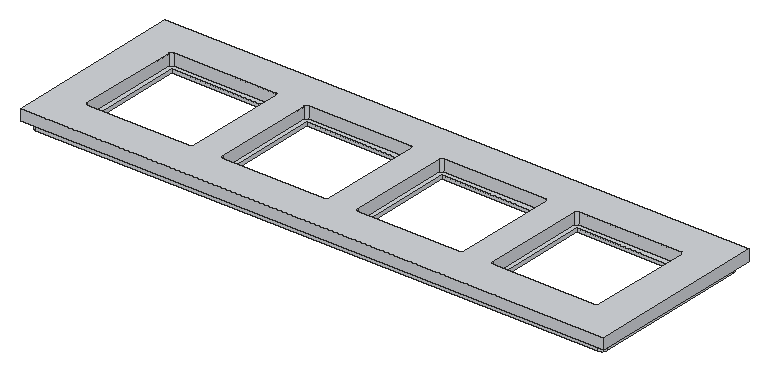
Revit family "Gira_0214220", category Electrical Fixtures, host Face, Revit 2017
Family settings
  Host = Face
  Maintain Annotation Orientation = No
  Round Connector Dimension = Use Diameter
  Part Type = Normal
  Cut with Voids When Loaded = No
  Shared = No
  Room Calculation Point = No
Parameters (values of type "Cov.fr. 4-g Gira Esprit Lin.pwd.light grey")
  With mounting grid = "No"
  With hinged lid = "No"
  URL = "http://katalog.gira.de/en/datenblatt.html?artikelnr=0214220"
  Type of fastening = "Clamp mounting"
  Transparent = "No"
  Surface protection = "Other"
  Suitable for wall duct = "No"
  Suitable for flush-mounted installation = "Yes"
  Suitable for floor box = "No"
  Suitable for built-in installation = "No"
  Number of units vertical = "4"
  Number of units horizontal = "4"
  Number of units = "4"
  Name = "Cov.fr. 4-g Gira Esprit Lin.pwd.light grey"
  Mounting direction = "Horizontal and vertical"
  Material quality = "Other"
  Material = "Other"
  Manufacturer URL = "https://www.gira.de/"
  Manufacturer = "Gira"
  Label space/information surface = "No"
  Keynote = ""
  HeinzeBIM = "https://bimportal.heinze.de/bim/cov-fr-4-g-gira-esprit-lin-pwd-light-grey/d1a391a5d417a3029f3a4f45c4d18e0cd5005a04"
  Halogen free = "No"
  HAN = "0214220"
  GTIN = "4010337015840"
  Description = "Cov.fr.4g Espr. LPwLg,Gira Esprit cover frame,linoleum-plywood light grey,4-gang,Notes :,- Natural product. Colour deviations are possible.,- NCS value: approx. NCS S 2002-Y"
  Degree of protection (IP) = "IP20"
  Default Elevation = 1219.2 mm
  Data sheet (1) = "https://katalog.gira.de/en/download.html?artikelnr=0214220"
  Colour = "Other"
  Category = "Cover frame for domestic switching devices"
  BIM (1) = "https://media.stage.bim.site/public/gira/36a6b08/Espr._Rahmen_4fach.rfa"
  Available = "No"
Reference planes
  plane 1 "Center (Front/Back)": y = 0
  plane 2: z = 0
  plane 3 "Center (Left/Right)": x = 0
Forms (mm)
  Extrusion 1, solid, detail levels fine
    sketch origin (0, 0, 0) x (1, 0, 0) y (0, 1, 0)
      loop
        line (-154, 47.5) -> (-154, -47.5) -> (154, -47.5) -> (154, 47.5) -> (-154, 47.5)
      loop
        arc (-135.25, -26.8) -> (-134.811, -27.861) -> (-133.75, -28.3) r 1.5
        line (-133.75, -28.3) -> (-80.15, -28.3)
        arc (-80.15, -28.3) -> (-79.089, -27.861) -> (-78.65, -26.8) r 1.5
        line (-78.65, -26.8) -> (-78.65, 26.8)
        arc (-78.65, 26.8) -> (-79.089, 27.861) -> (-80.15, 28.3) r 1.5
        line (-80.15, 28.3) -> (-133.75, 28.3)
        arc (-133.75, 28.3) -> (-134.811, 27.861) -> (-135.25, 26.8) r 1.5
        line (-135.25, 26.8) -> (-135.25, -26.8)
      loop
        arc (-63.95, -26.8) -> (-63.511, -27.861) -> (-62.45, -28.3) r 1.5
        line (-62.45, -28.3) -> (-8.85, -28.3)
        arc (-8.85, -28.3) -> (-7.789, -27.861) -> (-7.35, -26.8) r 1.5
        line (-7.35, -26.8) -> (-7.35, 26.8)
        arc (-7.35, 26.8) -> (-7.789, 27.861) -> (-8.85, 28.3) r 1.5
        line (-8.85, 28.3) -> (-62.45, 28.3)
        arc (-62.45, 28.3) -> (-63.511, 27.861) -> (-63.95, 26.8) r 1.5
        line (-63.95, 26.8) -> (-63.95, -26.8)
      loop
        arc (7.35, -26.8) -> (7.789, -27.861) -> (8.85, -28.3) r 1.5
        line (8.85, -28.3) -> (62.45, -28.3)
        arc (62.45, -28.3) -> (63.511, -27.861) -> (63.95, -26.8) r 1.5
        line (63.95, -26.8) -> (63.95, 26.8)
        arc (63.95, 26.8) -> (63.511, 27.861) -> (62.45, 28.3) r 1.5
        line (62.45, 28.3) -> (8.85, 28.3)
        arc (8.85, 28.3) -> (7.789, 27.861) -> (7.35, 26.8) r 1.5
        line (7.35, 26.8) -> (7.35, -26.8)
      loop
        arc (78.65, -26.8) -> (79.089, -27.861) -> (80.15, -28.3) r 1.5
        line (80.15, -28.3) -> (133.75, -28.3)
        arc (133.75, -28.3) -> (134.811, -27.861) -> (135.25, -26.8) r 1.5
        line (135.25, -26.8) -> (135.25, 26.8)
        arc (135.25, 26.8) -> (134.811, 27.861) -> (133.75, 28.3) r 1.5
        line (133.75, 28.3) -> (80.15, 28.3)
        arc (80.15, 28.3) -> (79.089, 27.861) -> (78.65, 26.8) r 1.5
        line (78.65, 26.8) -> (78.65, -26.8)
    from 0 to 6
  Extrusion 2, solid, detail levels fine
    sketch origin (0, 0, 0) x (1, 0, 0) y (0, 1, 0)
      loop
        line (-132.85, -25.7) -> (-81.05, -25.7) -> (-81.05, 25.7) -> (-132.85, 25.7) -> (-132.85, -25.7)
      loop
        line (61.55, 25.7) -> (9.75, 25.7) -> (9.75, -25.7) -> (61.55, -25.7) -> (61.55, 25.7)
      loop
        arc (-149.85, -41.4) -> (-149.323, -42.673) -> (-148.05, -43.2) r 1.8
        line (-148.05, -43.2) -> (148.05, -43.2)
        arc (148.05, -43.2) -> (149.323, -42.673) -> (149.85, -41.4) r 1.8
        line (149.85, -41.4) -> (149.85, 41.4)
        arc (149.85, 41.4) -> (149.323, 42.673) -> (148.05, 43.2) r 1.8
        line (148.05, 43.2) -> (-148.05, 43.2)
        arc (-148.05, 43.2) -> (-149.323, 42.673) -> (-149.85, 41.4) r 1.8
        line (-149.85, 41.4) -> (-149.85, -41.4)
      loop
        line (-9.75, 25.7) -> (-61.55, 25.7) -> (-61.55, -25.7) -> (-9.75, -25.7) -> (-9.75, 25.7)
      loop
        line (132.85, 25.7) -> (81.05, 25.7) -> (81.05, -25.7) -> (132.85, -25.7) -> (132.85, 25.7)
    from -1.9 to 0
  Extrusion 3, solid, detail levels fine
    sketch origin (0, 0, 0) x (1, 0, 0) y (0, 1, 0)
      loop
        arc (-148.05, 44.4) -> (-150.171, 43.521) -> (-151.05, 41.4) r 3
        line (-151.05, 41.4) -> (-151.05, -41.4)
        arc (-151.05, -41.4) -> (-150.171, -43.521) -> (-148.05, -44.4) r 3
        line (-148.05, -44.4) -> (148.05, -44.4)
        arc (148.05, -44.4) -> (150.171, -43.521) -> (151.05, -41.4) r 3
        line (151.05, -41.4) -> (151.05, 41.4)
        arc (151.05, 41.4) -> (150.171, 43.521) -> (148.05, 44.4) r 3
        line (148.05, 44.4) -> (-148.05, 44.4)
      loop
        arc (-149.85, -41.4) -> (-149.323, -42.673) -> (-148.05, -43.2) r 1.8
        line (-148.05, -43.2) -> (148.05, -43.2)
        arc (148.05, -43.2) -> (149.323, -42.673) -> (149.85, -41.4) r 1.8
        line (149.85, -41.4) -> (149.85, 41.4)
        arc (149.85, 41.4) -> (149.323, 42.673) -> (148.05, 43.2) r 1.8
        line (148.05, 43.2) -> (-148.05, 43.2)
        arc (-148.05, 43.2) -> (-149.323, 42.673) -> (-149.85, 41.4) r 1.8
        line (-149.85, 41.4) -> (-149.85, -41.4)
    from -3.7 to 0
  Extrusion 4, solid, detail levels medium
    sketch origin (0, 0, 0) x (1, 0, 0) y (0, 1, 0)
      loop
        line (-154, 47.5) -> (-154, -47.5) -> (154, -47.5) -> (154, 47.5) -> (-154, 47.5)
    from 0 to 6
  Extrusion 5, solid, detail levels medium
    sketch origin (0, 0, 0) x (1, 0, 0) y (0, 1, 0)
      loop
        line (-154, 44.4) -> (-154, -44.4) -> (154, -44.4) -> (154, 44.4) -> (-154, 44.4)
    from -3.7 to 0
  Extrusion 6, solid, detail levels coarse
    sketch origin (0, 0, 0) x (1, 0, 0) y (0, 1, 0)
      loop
        line (-154, 47.5) -> (-154, -47.5) -> (154, -47.5) -> (154, 47.5) -> (-154, 47.5)
    from -3.7 to 6
Dimensions and locks
  aligned and locked: plane 2 to host face
  aligned and locked: level to host face
